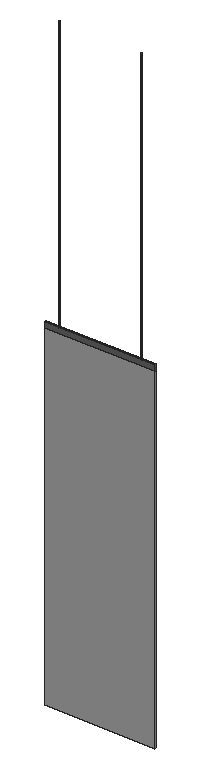
Revit family "Haworth_BuzziFalls_Plain_AP_PRELIMINARY", category Furniture, Revit 2018
Family settings
  OmniClass Number = 23.40.70.14.64.21
  OmniClass Title = Systems Furniture
  Work Plane-Based = No
  Always vertical = Yes
  Cut with Voids When Loaded = No
  Shared = No
  Room Calculation Point = No
Parameters (values of type "Large Screen")
  Warranty = "http://www.haworth.com/resources/product-info/warranties"
  URL - Product = "https://www.haworth.com/ap/en/products/office-partitions/buzzifalls.html"
  URL = "https://www.haworth.com/ap/en.html"
  Small = no
  Size = "Verify Final Dim. w/ Haworth"  # constant formula
  Screen Finish [instance] = Haworth _ Fabric _ Undecided _ Screen
  Revision Number = "1"  # constant formula
  Patterns = " Plain, Alhambra, Birch, Dots, Grid, Leaves, Orient, Palms, Parrots, Pebbles, Rain, Royal, Tropics"  # constant formula
  Model = "BuzziFalls"  # constant formula
  Manufacturer = "Haworth"  # constant formula
  Large = not(Small)  # yes
  Description = "Haworth - BuzziSpace - BuzziFalls - Screen"  # constant formula
  Connector Finish = Haworth _ Paint _ Black BTR-9005
  Cable Length = 2000 mm
  Author = "Haworth (Abd Rahman)"  # constant formula
  Assembly Code = "E2020200"
  Actual Width = 800.1 mm  # constant formula
  Actual Height = if(Small, 2199.878 mm, 2499.916 mm)  # 2499.916 mm
  Actual Depth = 19.844 mm  # constant formula
Types (2, lengths in mm): name | Small | Large | Actual Height
  Small Screen | yes | no | 2199.878
  Large Screen | no | yes | 2499.916
Reference planes
  plane 1: z = 0
  plane 2 "Back": y = 54.372
  plane 3 "Front": y = 34.528
  plane 4 "Top": z = 2499.916
  plane 5 "Right": x = 1220.624
  plane 6 "Left": x = 420.524
  plane 7: x = 820.574
  plane 8: y = 44.45
  plane 9: z = 2460.038
  plane 10: z = 4499.916
  plane 11: z = 2499.122
Forms (mm)
  Extrusion 1, solid, material "Haworth _ Fabric _ Undecided _ Screen" <- "Screen Finish"
    sketch origin (0, 0, 0) x (1, 0, 0) y (0, 1, 0)
      loop
        line (420.524, 50.45) -> (420.524, 38.45) -> (1220.624, 38.45) -> (1220.624, 50.45) -> (420.524, 50.45)
    from 0 to 2499.075
  Extrusion 2, solid, material "Haworth _ Paint _ Black BTR-9005" <- "Connector Finish"
    sketch origin (1220.624, 0, 0) x (0, 1, 0) y (0, 0, 1)
      loop
        line (51.45, 2459.929) -> (51.45, 2499.916) -> (37.45, 2499.916) -> (37.45, 2460.038) -> (38.45, 2460.038) -> (38.45, 2499.075) -> (50.45, 2499.075) -> (50.45, 2459.929) -> (51.45, 2459.929)
    from 0 to -800.1
  Extrusion 3, solid, material "Haworth _ Paint _ Black BTR-9005" <- "Connector Finish"
    sketch origin (0, 0, 0) x (1, 0, 0) y (0, 1, 0)
      loop
        circle (520.521, 44.45) r 2
      loop
        circle (1120.524, 44.45) r 2
    from 2499.075 to 4499.916
Lines and regions (mm)
  Masking region 1
    outline origin (0, 0, 0) x (1, 0, 0) y (0, 1, 0)
      loop
        line (420.524, 50.45) -> (420.524, 38.45) -> (1220.624, 38.45) -> (1220.624, 50.45) -> (420.524, 50.45)
Dimensions and locks
  "Actual Width": plane 6 "Left" to plane 5 "Right"
  "Actual Depth": plane 3 "Front" to plane 2 "Back"
  equal spacing: plane 6 "Left", plane 7, plane 5 "Right"
  equal spacing: plane 2 "Back", plane 8, plane 3 "Front"
  "Actual Height": plane 4 "Top" to plane 1
  "Cable Length": plane 10 to plane 4 "Top"
  Extrusion 2 to plane 4 "Top" = 0 mm
  locked: plane 4 "Top" to plane 11 at 0.794
  aligned and locked: plane 6 "Left" to Extrusion 2
  aligned and locked: plane 5 "Right" to Extrusion 2
  aligned and locked: plane 10 to Extrusion 3
  aligned and locked: Extrusion 1 to plane 1
  aligned and locked: plane 5 "Right" to Extrusion 1
  aligned and locked: plane 6 "Left" to Extrusion 1
  aligned and locked: Extrusion 2 to plane 6 "Left"
  aligned and locked: Extrusion 2 to plane 9
  aligned and locked: Extrusion 2 to plane 5 "Right"
  aligned and locked: Extrusion 1 to Extrusion 2
  aligned and locked: Extrusion 3 to Extrusion 1
Automatic sketch dimensions
  Extrusion 1 sketch curve to plane 6 "Left" = 0 mm
  Extrusion 1 sketch curve to plane 5 "Right" = 0 mm
  Extrusion 1 sketch curve to plane 3 "Front" = 3.922 mm
  Extrusion 1 sketch curve to plane 2 "Back" = 3.922 mm
  Extrusion 2 sketch curve to plane 9 = 0 mm
  Extrusion 2 sketch curve to plane 4 "Top" = 0.84 mm
  plane 4 "Top" to Extrusion 2 sketch curve = 0 mm
  Extrusion 2 sketch curve to plane 3 "Front" = 2.922 mm
  Extrusion 2 sketch curve to Extrusion 2 sketch curve = 1 mm  (x2)
  Extrusion 2 sketch curve to plane 2 "Back" = 3.922 mm
  Extrusion 2 sketch curve to plane 9 = 0.109 mm
  Extrusion 3 sketch curve to plane 8 = 0 mm  (x2)
  Extrusion 3 sketch curve to plane 6 "Left" = 99.997 mm
  Extrusion 3 sketch curve to plane 5 "Right" = 100.1 mm
  Masking region 1 sketch curve to plane 6 "Left" = 0 mm
  Masking region 1 sketch curve to plane 5 "Right" = 0 mm
  Masking region 1 sketch curve to plane 3 "Front" = 3.922 mm
  Masking region 1 sketch curve to plane 2 "Back" = 3.922 mm
  radius of Extrusion 3 sketch curve = 2 mm  (x2)
